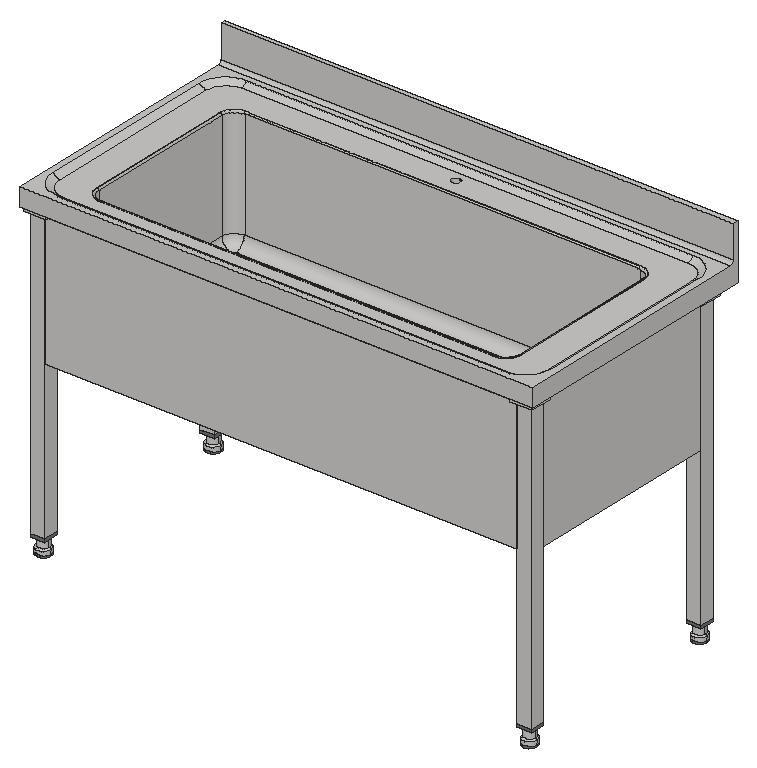
Revit family "QF_ELECTROLUXPROFESSIONAL_133116_VLP1401SEN", category Attrezzature speciali, Revit 2020
Family settings
  Quota connettore circolare = Usa diametro
  Tipo di parte = Normale
  Basato su piano di lavoro = No
  Sempre verticale = Sì
  Taglio con vuoti quando caricato = No
  Condiviso = No
  Punto di calcolo locali = No
Parameters (values of type "Standard")
  Weight = 60.00 kg
  Watts = 0 W
  Volts = 0 V
  URL Manufacturer = "https://www.electroluxprofessional.com/"
  URL = "https://www.electroluxprofessional.com/"
  Steam Supply Size = 0 mm
  Steam Supply Minimum Pressure = 0.0 Pa
  Steam Supply Maximum Pressure = 0.0 Pa
  Steam Consumption per Hour = 0
  Refrigeration Suction Line Size = 0.0 mm
  Refrigeration Liquid Line Size = 0.0 mm
  Refrigerant Compressor Remote = yes
  Prospetto di default = 0.0 mm
  Phase = 0
  Modello = "VLP1401SEN"
  Produttore = "Electrolux Professional"
  Length Actual = 1400.0 mm  # constant formula
  Item Number = "133116"
  Hot Water Size = 0 mm
  Height Actual = 900.0 mm  # constant formula
  HP = "0 HP"
  Gas Size = 0 mm
  Gas KW = 0
  Gas Input Pressure = 0 W
  Direct Waste Size = 50.8 mm
  Descrizione = "SOAKING SINK UNIT, WITH 1 BOWL (1280X510X340MM), 1400MM"
  Depth Actual = 700.0 mm  # constant formula
  Cycle = 0 Hz
  Condensate Return Size = 0 mm
  Compressed Air Volume = 0.0 L/s
  Compressed Air Size = 0 mm
  Compressed Air Pressure = 0.0 Pa
  Cold Water Size = 0 mm
  Accessory = yes
Reference planes
  plane 1 "Center (Front/Back)": y = 0
  plane 2: z = 0
  plane 3 "Center (Left/Right)": x = 100
  plane 4 "LEFT": x = -600
  plane 5 "RIGHT": x = 800
  plane 6 "BACK": y = 350
  plane 7 "FRONT": y = -350
  plane 8 "Base": z = 850
  plane 9 "TOP": z = 900
  plane 10 "Sink_Base": z = 558
  plane 11 "ScaricoX": x = 600
  plane 12: z = 441
  plane 13: y = 245
  plane 14 "PlaneGrid": z = 890
  plane 15 "ScaricoY": y = 141
Forms (mm)
  Extrusion 1, solid, material "QF_Finishes_Stainless Steel"
    sketch origin (100, 0, 0) x (0, 1, 0) y (0, 0, 1)
      loop
        line (-350, 850) -> (350, 850) -> (350, 1000) -> (337, 1000) -> (337, 910)
        arc (337, 910) -> (334.071, 902.929) -> (327, 900) r 10
        line (327, 900) -> (-350, 900) -> (-350, 850)
    from 700 to -700
  Extrusion 2, void
    sketch origin (0, 9, 558) x (0, -1, 0) y (1, 0, 0)
      loop
        circle (-132, 600) r 28
    from 32.343 to -63.145
  Revolve 3, solid, material "QF_Finishes_White"
    sketch origin (600, 9, 0) x (0, -1, 0) y (0, 0, 1)
      loop
        line (-148.5, 542.617) -> (-148.5, 528.5) -> (-147, 528.5) -> (-147, 543.449) -> (-158.558, 550.671) -> (-158.558, 558) -> (-160.058, 558) -> (-160.058, 549.84) -> (-148.5, 542.617)
      axis (-132, 558) -> (-132, 528.5)
    angle from 0 to 360
  Extrusion 4, void
    sketch origin (-6.5, 18.8, 558) x (0, -1, 0) y (1, 0, 0)
      loop
        circle (-245, 106.5) r 11.5
    from 342 to 275.381
  Extrusion 5, void
    sketch origin (-5, 0, 900) x (0, 1, 0) y (-1, 0, 0)
      loop
        arc (180.949, -685) -> (209.233, -673.284) -> (220.949, -645) r 40
        line (220.949, -645) -> (220.949, 435)
        arc (220.949, 435) -> (209.233, 463.284) -> (180.949, 475) r 40
        line (180.949, 475) -> (-239.051, 475)
        arc (-239.051, 475) -> (-267.335, 463.284) -> (-279.051, 435) r 40
        line (-279.051, 435) -> (-279.051, -645)
        arc (-279.051, -645) -> (-267.335, -673.284) -> (-239.051, -685) r 40
        line (-239.051, -685) -> (180.949, -685)
    from 0 to -50
  Extrusion 6, solid, material "QF_Finishes_Stainless Steel"
    sketch origin (-5, 0, 558) x (0, -1, 0) y (1, 0, 0)
      loop
        line (-185.949, 645) -> (-185.949, -435)
        arc (-185.949, -435) -> (-184.484, -438.536) -> (-180.949, -440) r 5
        line (-180.949, -440) -> (238.949, -440)
        arc (238.949, -440) -> (242.484, -438.536) -> (243.949, -435) r 5
        line (243.949, -435) -> (243.949, 645)
        arc (243.949, 645) -> (242.484, 648.536) -> (238.949, 650) r 5
        line (238.949, 650) -> (-180.949, 650)
        arc (-180.949, 650) -> (-184.484, 648.536) -> (-185.949, 645) r 5
    from 0 to 1.5
  Sweep 7, solid, material "QF_Finishes_Stainless Steel"
    path origin (-4.99, 0, 900) x (0, 1, 0) y (-1, 0, 0)
      loop
        line (220.949, -644.99) -> (220.949, 435.01)
        arc (220.949, 435.01) -> (209.233, 463.294) -> (180.949, 475.01) r 40
        line (180.949, 475.01) -> (-239.051, 475.01)
        arc (-239.051, 475.01) -> (-267.335, 463.294) -> (-279.051, 435.01) r 40
        line (-279.051, 435.01) -> (-279.051, -644.99)
        arc (-279.051, -644.99) -> (-267.335, -673.274) -> (-239.051, -684.99) r 40
        line (-239.051, -684.99) -> (180.949, -684.99)
        arc (180.949, -684.99) -> (209.233, -673.274) -> (220.949, -644.99) r 40
    profile origin (100, 220.949, 900) x (0, -1, 0) y (0, 0, 1)
      loop
        arc (5, -15) -> (3.536, -11.464) -> (0, -10) r 5
        line (0, -10) -> (0, -11.5)
        arc (0, -11.5) -> (2.475, -12.525) -> (3.5, -15) r 3.5
        line (3.5, -15) -> (3.5, -310.5)
        arc (3.5, -310.5) -> (12.726, -332.774) -> (35, -342) r 31.5
        line (35, -342) -> (35, -340.5)
        arc (35, -340.5) -> (13.787, -331.713) -> (5, -310.5) r 30
        line (5, -310.5) -> (5, -15)
  Blend 8, void
    base sketch origin (-4.99, 0, 900) x (0, 1, 0) y (-1, 0, 0)
      loop
        arc (312.89, 505.01) -> (291.541, 556.551) -> (240, 577.9) r 72.89
        line (240, 577.9) -> (-260, 577.9)
        arc (-260, 577.9) -> (-311.541, 556.551) -> (-332.89, 505.01) r 72.89
        line (-332.89, 505.01) -> (-332.89, -714.99)
        arc (-332.89, -714.99) -> (-311.541, -766.531) -> (-260, -787.88) r 72.89
        line (-260, -787.88) -> (240, -787.88)
        arc (240, -787.88) -> (291.541, -766.531) -> (312.89, -714.99) r 72.89
        line (312.89, -714.99) -> (312.89, 505.01)
    top sketch origin (-4.99, 0, 900) x (0, 1, 0) y (-1, 0, 0)
      loop
        arc (294.457, 505.01) -> (278.507, 543.517) -> (240, 559.467) r 54.457
        line (240, 559.467) -> (-260, 559.467)
        arc (-260, 559.467) -> (-298.507, 543.517) -> (-314.457, 505.01) r 54.457
        line (-314.457, 505.01) -> (-314.457, -714.99)
        arc (-314.457, -714.99) -> (-298.507, -753.497) -> (-260, -769.447) r 54.457
        line (-260, -769.447) -> (240, -769.447)
        arc (240, -769.447) -> (278.507, -753.497) -> (294.457, -714.99) r 54.457
        line (294.457, -714.99) -> (294.457, 505.01)
    from 0 to -10
Cuts and joins
  Extrusion 4, Extrusion 5, Blend 8 cuts Extrusion 1
  Extrusion 2 cuts Extrusion 6
Lines and regions (mm)
  symbolic lines
    curve 1: line (800, 350, 900) -> (-600, 350, 900)
    curve 2: line (-600, 350, 900) -> (-600, -350, 900)
    curve 3: line (-600, -350, 900) -> (800, -350, 900)
    curve 4: line (800, -350, 900) -> (800, 350, 900)
    curve 5: line (800, 337, 900) -> (-600, 337, 900)
    curve 6: arc (-582.89, 240, 900) -> (-561.541, 291.541, 900) -> (-510, 312.89, 900) r 72.89
    curve 7: line (-510, 312.89, 900) -> (710, 312.89, 900)
    curve 8: line (-582.89, -260, 900) -> (-582.89, 240, 900)
    curve 9: arc (-510, -332.89, 900) -> (-561.541, -311.541, 900) -> (-582.89, -260, 900) r 72.89
    curve 10: line (710, -332.89, 900) -> (-510, -332.89, 900)
    curve 11: line (-510, -314.457, 900) -> (710, -314.457, 900)
    curve 12: arc (-564.457, -260, 900) -> (-548.507, -298.507, 900) -> (-510, -314.457, 900) r 54.457
    curve 13: line (-564.457, 240, 900) -> (-564.457, -260, 900)
    curve 14: arc (-510, 294.457, 900) -> (-548.507, 278.507, 900) -> (-564.457, 240, 900) r 54.457
    curve 15: line (710, 294.457, 900) -> (-510, 294.457, 900)
    curve 16: arc (764.457, 240, 900) -> (748.507, 278.507, 900) -> (710, 294.457, 900) r 54.457
    curve 17: arc (710, 312.89, 900) -> (761.541, 291.541, 900) -> (782.89, 240, 900) r 72.89
    curve 18: line (782.89, 240, 900) -> (782.89, -260, 900)
    curve 19: line (764.457, -260, 900) -> (764.457, 240, 900)
    curve 20: arc (782.89, -260, 900) -> (761.541, -311.541, 900) -> (710, -332.89, 900) r 72.89
    curve 21: arc (710, -314.457, 900) -> (748.507, -298.507, 900) -> (764.457, -260, 900) r 54.457
    curve 22: line (-445, 180.949, 900) -> (-445, -238.949, 900)
    curve 23: line (639.939, 185.949, 900) -> (-440, 185.949, 900)
    curve 24: line (-440, -243.949, 900) -> (639.939, -243.949, 900)
    curve 25: line (644.939, -238.949, 900) -> (644.939, 180.949, 900)
    curve 26: arc (-440, 185.949, 900) -> (-443.536, 184.484, 900) -> (-445, 180.949, 900) r 5
    curve 27: arc (644.939, 180.949, 900) -> (643.474, 184.484, 900) -> (639.939, 185.949, 900) r 5
    curve 28: arc (639.939, -243.949, 900) -> (643.474, -242.484, 900) -> (644.939, -238.949, 900) r 5
    curve 29: arc (-445, -238.949, 900) -> (-443.536, -242.484, 900) -> (-440, -243.949, 900) r 5
    curve 30: circle (100, 263.8, 900) r 11.5 normal (0, 0, 1)
    curve 31: circle (600, 141, 900) r 28 normal (0, 0, 1)
    curve 32: circle (600, 141, 900) r 16.5 normal (0, 0, -1)
    curve 33: arc (-440, 220.949, 900) -> (-468.284, 209.233, 900) -> (-480, 180.949, 900) r 40
    curve 34: line (640, 220.949, 900) -> (-440, 220.949, 900)
    curve 35: line (-480, 180.949, 900) -> (-480, -239.051, 900)
    curve 36: arc (-480, -239.051, 900) -> (-468.284, -267.335, 900) -> (-440, -279.051, 900) r 40
    curve 37: line (-440, -279.051, 900) -> (640, -279.051, 900)
    curve 38: arc (640, -279.051, 900) -> (668.284, -267.335, 900) -> (680, -239.051, 900) r 40
    curve 39: line (680, -239.051, 900) -> (680, 180.949, 900)
    curve 40: arc (680, 180.949, 900) -> (668.284, 209.233, 900) -> (640, 220.949, 900) r 40
Dimensions and locks
  plane 4 "LEFT" to plane 5 "RIGHT" = 1400.0 mm
  equal spacing: plane 4 "LEFT", plane 3 "Center (Left/Right)", plane 5 "RIGHT"
  locked: plane 8 "Base" to level at 850
  locked: Extrusion 1 to level at 1000
  plane 9 "TOP" to level = 900.0 mm
  plane 6 "BACK" to plane 7 "FRONT" = 700.0 mm
  equal spacing: plane 6 "BACK", plane 1 "Center (Front/Back)", plane 7 "FRONT"
  plane 10 "Sink_Base" to level = 558.0 mm
  plane 12 to level = 441.0 mm
  locked: plane 11 "ScaricoX" to plane 5 "RIGHT" at 200
  locked: plane 6 "BACK" to plane 15 "ScaricoY" at 209
  aligned and locked: level to plane 2
  aligned and locked: Extrusion 1 to plane 4 "LEFT"
  aligned and locked: plane 5 "RIGHT" to Extrusion 1
  aligned and locked: curve 2 to plane 4 "LEFT"
Automatic sketch dimensions
  Extrusion 1 sketch curve to plane 7 "FRONT" = 0.0 mm
  Extrusion 1 sketch curve to plane 9 "TOP" = 0.0 mm
  Extrusion 1 sketch curve to plane 6 "BACK" = 0.0 mm
  Extrusion 1 sketch curve to plane 8 "Base" = 0.0 mm
  plane 9 "TOP" to Extrusion 1 sketch curve = 10.0 mm
  Extrusion 1 sketch curve to plane 6 "BACK" = 23.0 mm
  Extrusion 1 sketch curve to Extrusion 1 sketch curve = 90.0 mm
  Extrusion 2 sketch curve to plane 11 "ScaricoX" = 0.0 mm
  Extrusion 2 sketch curve to plane 15 "ScaricoY" = 0.0 mm
  plane 10 "Sink_Base" to Revolve 3 sketch curve = 0.0 mm
  Revolve 3 sketch curve to plane 15 "ScaricoY" = 0.0 mm
  plane 15 "ScaricoY" to Revolve 3 sketch curve = 15.0 mm
  Revolve 3 sketch curve to Revolve 3 sketch curve = 1.5 mm  (x2)
  plane 10 "Sink_Base" to Revolve 3 sketch curve = 7.329 mm
  Revolve 3 sketch curve to Revolve 3 sketch curve = 10.058 mm
  Revolve 3 sketch curve to Revolve 3 sketch curve = 0.831 mm  (x2)
  Revolve 3 sketch curve to Revolve 3 sketch curve = 7.222 mm
  Revolve 3 sketch curve to Revolve 3 sketch curve = 14.117 mm
  Revolve 3 sketch curve to Revolve 3 sketch curve = 24.0 mm
  Revolve 3 sketch curve to plane 10 "Sink_Base" = 26.5 mm
  Extrusion 4 sketch curve to plane 3 "Center (Left/Right)" = 0.0 mm
  plane 13 to Extrusion 4 sketch curve = 18.8 mm
  Sweep 7 sketch curve to Sweep 7 sketch curve = 0.0 mm  (x4)
  Sweep 7 sketch curve to profile plane = 0.0 mm
  Sweep 7 sketch curve to profile plane = 3.5 mm
  Sweep 7 sketch curve to Sweep 7 sketch curve = 1.5 mm
  Sweep 7 sketch curve to Sweep 7 sketch curve = 30.0 mm
  Sweep 7 sketch curve to profile plane = 342.0 mm
  Sweep 7 sketch curve to profile plane = 15.0 mm
  plane 15 "ScaricoY" to Extrusion 6 sketch curve = 44.949 mm
  Extrusion 6 sketch curve to Extrusion 6 sketch curve = 5.0 mm  (x4)
  plane 7 "FRONT" to Extrusion 6 sketch curve = 111.051 mm
  plane 4 "LEFT" to Extrusion 6 sketch curve = 155.0 mm
  Extrusion 6 sketch curve to plane 5 "RIGHT" = 160.0 mm
  Blend 8 sketch curve to plane 13 = 5.0 mm  (x4)
  Blend 8 sketch curve to plane 6 "BACK" = 37.11 mm
  plane 4 "LEFT" to Blend 8 sketch curve = 90.0 mm  (x2)
  plane 7 "FRONT" to Blend 8 sketch curve = 90.0 mm  (x2)
  Blend 8 sketch curve to Blend 8 sketch curve = 72.89 mm  (x2)
  Blend 8 sketch curve to plane 5 "RIGHT" = 90.0 mm  (x2)
  plane 13 to Blend 8 sketch curve = 49.457 mm
  Blend 8 sketch curve to Blend 8 sketch curve = 54.457 mm  (x2)
  curve 6 to curve 14 = 0.0 mm  (x2)
  curve 9 to curve 12 = 0.0 mm  (x2)
  curve 16 to curve 17 = 0.0 mm  (x2)
  curve 20 to curve 21 = 0.0 mm
  curve 3 to plane 5 "RIGHT" = 0.0 mm
  curve 3 to plane 7 "FRONT" = 0.0 mm
  curve 30 to plane 3 "Center (Left/Right)" = 0.0 mm
  curve 2 to plane 6 "BACK" = 0.0 mm
  plane 7 "FRONT" to curve 10 = 17.11 mm
  curve 10 to curve 11 = 18.433 mm
  plane 4 "LEFT" to curve 13 = 35.543 mm
  curve 12 to curve 13 = 54.457 mm
  curve 18 to plane 5 "RIGHT" = 17.11 mm
  curve 24 to curve 22 = 5.0 mm
  curve 27 to curve 23 = 5.0 mm
  curve 17 to plane 13 = 5.0 mm
  curve 14 to plane 13 = 5.0 mm
  plane 13 to curve 30 = 18.8 mm
  plane 13 to curve 15 = 49.457 mm
  curve 5 to plane 6 "BACK" = 13.0 mm
  plane 7 "FRONT" to Sweep 7 sketch curve = 110.949 mm
  Sweep 7 sketch curve to Sweep 7 sketch curve = 40.0 mm
  plane 15 "ScaricoY" to Sweep 7 sketch curve = 39.949 mm  (x2)
  Sweep 7 sketch curve to plane 13 = 24.051 mm
  Sweep 7 sketch curve to plane 11 "ScaricoX" = 40.0 mm  (x2)
  plane 4 "LEFT" to Sweep 7 sketch curve = 160.0 mm
  plane 7 "FRONT" to Extrusion 5 sketch curve = 70.949 mm
  Extrusion 5 sketch curve to Extrusion 5 sketch curve = 40.0 mm  (x2)
  plane 15 "ScaricoY" to Extrusion 5 sketch curve = 39.949 mm  (x2)
  Extrusion 5 sketch curve to plane 13 = 24.051 mm
  Extrusion 5 sketch curve to plane 11 "ScaricoX" = 40.0 mm
  plane 4 "LEFT" to Extrusion 5 sketch curve = 160.0 mm
  curve 31 to curve 32 = 0.0 mm  (x2)
  curve 32 to plane 11 "ScaricoX" = 0.0 mm
  curve 32 to plane 15 "ScaricoY" = 0.0 mm
  curve 26 to curve 26 = 5.0 mm
  curve 24 to curve 25 = 5.0 mm
  plane 15 "ScaricoY" to curve 27 = 39.949 mm
  curve 25 to plane 11 "ScaricoX" = 44.939 mm
  curve 20 to curve 24 = 16.051 mm
  curve 26 to curve 6 = 70.0 mm
  curve 33 to curve 26 = 0.0 mm
  curve 34 to plane 13 = 24.051 mm
  curve 34 to curve 23 = 0.0 mm
  curve 34 to curve 23 = 0.061 mm
  curve 9 to curve 35 = 20.949 mm
  curve 36 to curve 29 = 0.0 mm
  curve 37 to curve 28 = 0.061 mm
  curve 38 to curve 28 = 0.102 mm
  curve 25 to curve 39 = 0.0 mm
  radius of Extrusion 2 sketch curve = 28.0 mm
  radius of Extrusion 4 sketch curve = 11.5 mm
  radius of curve 30 = 11.5 mm
  radius of curve 31 = 28.0 mm
  radius of curve 32 = 16.5 mm
Nested families
  nested 1: "TAV_W1400_CASSH" at (-50, 0, 0), type "TAV_W1400_CASSH"
Connectors
  piping at (600, 141, 528.5), diameter 30
    settings: on Revolve 3, index 1, connector inside diameter 609.6 mm, connector length 0.0 mm, flow factor 0, pipe flow 0.0 L/s, pressure drop 0.0 Pa, fitting loss kfactor 0, connector angle 0.00°, fixture units 0, engagement length 0.0 mm, angle of deflection 0.00°, flow configuration 1, flow direction 2, fitting loss method 0, system type 16, joint type 0, gender type 0, connector reference index -1, connector utility 0, adjustable connector no, is connector primary yes, connector description "Drain 2"
Definition of nested family "TAV_W1400_CASSH"
  Parameters
    Default Elevation = 0.0 mm
    Model = "TAV_W1400_CASSH"
    Manufacturer = "Electrolux Professional"
    Description = ""
  Reference planes
    plane 1 "Center (Front/Back)": y = 0
    plane 2: z = 0
    plane 3 "Center (Left/Right)": x = 150
    plane 4 "LEFT": x = -550
    plane 5 "RIGHT": x = 850
    plane 6 "BACK": y = 350
    plane 7 "FRONT": y = -350
    plane 8 "Base": z = 850
    plane 9 "TOP": z = 900
    plane 10: x = -514.5
    plane 11: x = 814.5
    plane 12: y = 265.5
    plane 13: y = -314.5
    plane 14: x = -494.5
    plane 15: x = 794.5
    plane 16 "RIPIANO": z = 200
  Forms (mm)
    Extrusion 1, solid
      sketch origin (0, 0.5, 850) x (0, 1, 0) y (-1, 0, 0)
        loop
          line (245, 534.5) -> (-295, 534.5) -> (-295, 533) -> (245, 533) -> (245, 534.5)
        loop
          line (-295, -834.5) -> (285, -834.5) -> (285, -833) -> (-295, -833) -> (-295, -834.5)
        loop
          line (-335, 494.5) -> (-335, -794.5) -> (-333.5, -794.5) -> (-333.5, 494.5) -> (-335, 494.5)
      from -10 to -370
    Extrusion 2, solid
      sketch origin (-4.534, 0, 850) x (0, 1, 0) y (-1, 0, 0)
        loop
          line (235.5, 529.966) -> (-284.5, 529.966) -> (-284.5, 489.966) -> (235.5, 489.966) -> (235.5, 529.966)
        loop
          line (-334.506, 479.966) -> (-334.506, -789.034) -> (-294.506, -789.034) -> (-294.506, 479.966) -> (-334.506, 479.966)
        loop
          line (-284.5, -839.034) -> (235.5, -839.034) -> (235.5, -799.034) -> (-284.5, -799.034) -> (-284.5, -839.034)
        loop
          line (285.5, 479.966) -> (245.5, 479.966) -> (245.5, -789.034) -> (285.5, -789.034) -> (285.5, 479.966)
      from 0 to -10
  Lines and regions (mm)
    symbolic lines, detail levels coarse
      curve 1: line (-550, 350, 200) -> (850, 350, 200)
      curve 2: line (-550, -350, 200) -> (-550, 350, 200)
      curve 3: line (850, -350, 200) -> (-550, -350, 200)
      curve 4: line (850, 350, 200) -> (850, -350, 200)
  Dimensions and locks
    plane 4 "LEFT" to plane 5 "RIGHT" = 1400.0 mm
    equal spacing: plane 4 "LEFT", plane 3 "Center (Left/Right)", plane 5 "RIGHT"
    locked: plane 8 "Base" to level at 850
    plane 4 "LEFT" to plane 10 = 35.5 mm
    plane 11 to plane 5 "RIGHT" = 35.5 mm
    plane 10 to plane 11 = 1329.0 mm
    plane 9 "TOP" to level = 900.0 mm
    plane 6 "BACK" to plane 12 = 84.5 mm
    plane 13 to plane 7 "FRONT" = 35.5 mm
    plane 6 "BACK" to plane 7 "FRONT" = 700.0 mm
    plane 12 to plane 13 = 580.0 mm
    equal spacing: plane 6 "BACK", plane 1 "Center (Front/Back)", plane 7 "FRONT"
    locked: plane 14 to plane 4 "LEFT" at 55.5
    locked: plane 5 "RIGHT" to plane 15 at 55.5
    plane 16 "RIPIANO" to level = 200.0 mm
    plane 2 to plane 16 "RIPIANO" to plane 8 "Base" = 200.0 mm, 650.0 mm
    aligned and locked: level to plane 2
    aligned and locked: plane 10 to nested 1
    aligned and locked: nested 1 to plane 13
    aligned and locked: plane 11 to nested 2
    aligned and locked: nested 2 to plane 13
    aligned and locked: plane 11 to nested 4
    aligned and locked: nested 4 to plane 12
    aligned and locked: plane 10 to nested 3
    aligned and locked: nested 3 to plane 12
    aligned and locked: plane 14 to Extrusion 1 sketch curve
    aligned and locked: Extrusion 1 sketch curve to plane 15
    aligned and locked: Extrusion 1 to Extrusion 2
  Automatic sketch dimensions
    plane 7 "FRONT" to Extrusion 1 sketch curve = 15.5 mm
    plane 13 to Extrusion 1 sketch curve = 20.0 mm  (x2)
    plane 4 "LEFT" to Extrusion 1 sketch curve = 15.5 mm
    Extrusion 1 sketch curve to plane 5 "RIGHT" = 15.5 mm
    Extrusion 1 sketch curve to Extrusion 1 sketch curve = 1.5 mm  (x3)
    Extrusion 1 sketch curve to plane 6 "BACK" = 104.5 mm
    Extrusion 1 sketch curve to plane 6 "BACK" = 64.5 mm
    plane 15 to Extrusion 2 sketch curve = 10.0 mm  (x2)
    plane 7 "FRONT" to Extrusion 2 sketch curve = 15.494 mm
    plane 13 to Extrusion 2 sketch curve = 19.994 mm
    Extrusion 2 sketch curve to plane 5 "RIGHT" = 15.5 mm
    plane 13 to Extrusion 2 sketch curve = 30.0 mm  (x2)
    Extrusion 2 sketch curve to plane 14 = 0.0 mm
    Extrusion 2 sketch curve to plane 12 = 30.0 mm  (x2)
    Extrusion 2 sketch curve to plane 12 = 20.0 mm
    plane 12 to Extrusion 2 sketch curve = 20.0 mm
    Extrusion 2 sketch curve to plane 15 = 0.0 mm
    Extrusion 2 sketch curve to plane 14 = 10.0 mm  (x2)
    Extrusion 2 sketch curve to plane 10 = 20.0 mm
    curve 3 to plane 4 "LEFT" = 0.0 mm
    curve 3 to plane 7 "FRONT" = 0.0 mm
    curve 2 to plane 6 "BACK" = 0.0 mm
    curve 1 to plane 5 "RIGHT" = 0.0 mm
  Nested families
    nested 1: "FEET_40x40_TAV" at (-514.5, -314.5, 0), type "FEET_40x40_TAV"
    nested 2: "FEET_40x40_TAV" at (814.5, -314.5, 0), type "FEET_40x40_TAV"
    nested 3: "FEET_40x40_TAV" at (-514.5, 265.5, 0), type "FEET_40x40_TAV"
    nested 4: "FEET_40x40_TAV" at (814.5, 265.5, 0), type "FEET_40x40_TAV"
  Definition of nested family "FEET_40x40_TAV"
    Parameters
      Default Elevation = 0.0 mm
      FEET = 850.0 mm
    Reference planes
      plane 1 "Center (Front/Back)": y = 0
      plane 2: z = 0
      plane 3 "Center (Left/Right)": x = 0
      plane 4: z = 850
    Forms (mm)
      Extrusion 1, solid
        sketch origin (0, 0, 0) x (1, 0, 0) y (0, 1, 0)
          loop
            line (-20, -20) -> (20, -20) -> (20, 20) -> (-20, 20) -> (-20, -20)
        from 50 to 840
      Extrusion 2, solid
        sketch origin (0, 0, 0) x (1, 0, 0) y (0, 1, 0)
          loop
            circle (0, 0) r 20
        from 0 to 5
      Extrusion 3, solid
        sketch origin (0, 0, 0) x (1, 0, 0) y (0, 1, 0)
          loop
            line (30, 30) -> (-30, 30) -> (-30, -30) -> (30, -30) -> (30, 30)
        from 840 to 850
      Extrusion 4, solid
        sketch origin (0, 0, 0) x (1, 0, 0) y (0, 1, 0)
          loop
            line (-20, -20) -> (20, -20) -> (20, 20) -> (-20, 20) -> (-20, -20)
        from 50 to 42
      Revolve 5, solid
        sketch origin (0, 0, 0) x (1, 0, 0) y (0, 0, 1)
          loop
            line (0, 42) -> (-15, 42) -> (-15, 20) -> (-20, 15) -> (-20, 5) -> (0, 5) -> (0, 42)
          axis (0, 42) -> (0, 5)
        angle from 0 to 360
    Lines and regions (mm)
      symbolic lines
        curve 1: line (0, -1.503, 0) -> (0, 1.508, 0)
        curve 2: line (1.561, 0, 0) -> (-1.439, 0, 0)
    Dimensions and locks
      "FEET": plane 4 to plane 2
      aligned and locked: level to plane 2
    Automatic sketch dimensions
      plane 1 "Center (Front/Back)" to curve 2 = 0.0 mm
      curve 1 to plane 3 "Center (Left/Right)" = 0.0 mm
      curve 2 to plane 3 "Center (Left/Right)" = 1.439 mm
      plane 3 "Center (Left/Right)" to curve 2 = 1.561 mm
      plane 1 "Center (Front/Back)" to curve 1 = 1.503 mm
      curve 1 to plane 1 "Center (Front/Back)" = 1.508 mm
      Extrusion 1 sketch curve to plane 3 "Center (Left/Right)" = 20.0 mm
      plane 3 "Center (Left/Right)" to Extrusion 1 sketch curve = 20.0 mm
      plane 1 "Center (Front/Back)" to Extrusion 1 sketch curve = 20.0 mm
      Extrusion 1 sketch curve to plane 1 "Center (Front/Back)" = 20.0 mm
      plane 1 "Center (Front/Back)" to Extrusion 2 sketch curve = 0.0 mm
      Extrusion 2 sketch curve to plane 3 "Center (Left/Right)" = 0.0 mm
      Extrusion 3 sketch curve to plane 3 "Center (Left/Right)" = 30.0 mm
      plane 3 "Center (Left/Right)" to Extrusion 3 sketch curve = 30.0 mm
      plane 1 "Center (Front/Back)" to Extrusion 3 sketch curve = 30.0 mm
      Extrusion 3 sketch curve to plane 1 "Center (Front/Back)" = 30.0 mm
      Extrusion 4 sketch curve to plane 3 "Center (Left/Right)" = 20.0 mm
      plane 3 "Center (Left/Right)" to Extrusion 4 sketch curve = 20.0 mm
      plane 1 "Center (Front/Back)" to Extrusion 4 sketch curve = 20.0 mm
      Extrusion 4 sketch curve to plane 1 "Center (Front/Back)" = 20.0 mm
      Revolve 5 sketch curve to plane 3 "Center (Left/Right)" = 0.0 mm  (x2)
      Revolve 5 sketch curve to plane 3 "Center (Left/Right)" = 15.0 mm
      Revolve 5 sketch curve to Revolve 5 sketch curve = 5.0 mm  (x3)
      level to Revolve 5 sketch curve = 5.0 mm
      Revolve 5 sketch curve to Revolve 5 sketch curve = 10.0 mm
      Revolve 5 sketch curve to Revolve 5 sketch curve = 22.0 mm
      Revolve 5 sketch curve to level = 9.561 mm
      radius of Extrusion 2 sketch curve = 20.0 mm
